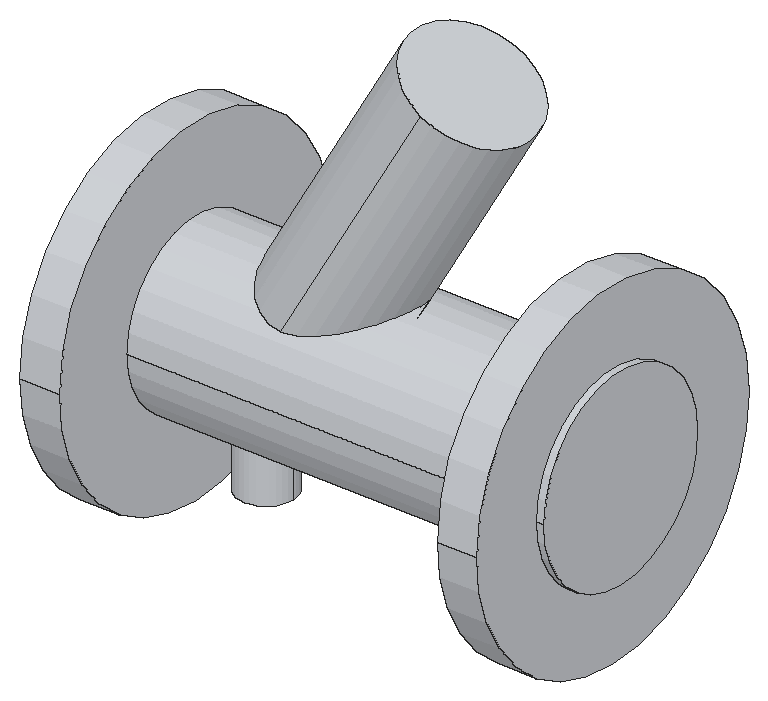
Revit family "HS 821-síto_standard-PN25-DN025-RFA_2018", category Pipe Accessories, Revit 2018
Family settings
  Round Connector Dimension = Use Diameter
  Part Type = Breaks Into
  Work Plane-Based = No
  Always vertical = Yes
  Cut with Voids When Loaded = No
  Shared = No
Parameters (values of type "821D-DN025-PN25-síto_standard")
  magiProductId = "b9a7fb4aa36643878c637d8e1ab992"
  magiProductFamilyId = "79214ac3aaa945e397802f559f5c1e"
  magiPartTypeId = 307
  isMeasuringValve [instance] = no
  ang2D [instance] = 0.00°
  ZB__ve = -ZB  # -19.25 mm
  ZB1 = 26.325 mm
  ZB = 19.25 mm
  X2 = 58.601 mm
  X1 = 22.4 mm
  W2D = 15 mm
  VersionID = "2.0/2017.9.26.1/ZETKAMA_821_001"
  Use Minimum Symbol Size [instance] = yes
  URL = "www.hydronic.cz"
  Type Comments = "Filtr přírubový; síto standardní; A-PN16 (-10~300°C); D-PN25 (-10~350°C); F-PN40 (-10~400°C)"
  S = 65 mm
  QmdConnectorList = "301;D;302;D"
  Productdata [instance] = ""
  Manufacturer = "Hydronic Systems Prague s.r.o."
  MC Product Code = "200 225 (821D; DN025; PN25; kvs14,7; oko síta 1,00mm)"
  LM1 = 12.8 mm
  LM = 128 mm
  L4 = 40 mm
  L2D_Min = 3048 mm
  L2D = 130 mm
  L2 = 80 mm
  HH2 = 101.5 mm
  FD = 115 mm
  Description = "Filtr přírubový; síto standardní; 821A-PN16; 821D-PN25; 821F-PN40"
  DM1 = 43.2 mm
  DM = 58.5 mm
  D = 25 mm
  CC = 2.72 mm
  CAT0 = yes
  C1 = 13.28 mm
  C = 16 mm
  BD = 18.427 mm
Types (40, lengths in mm): name | magiProductId | ZB__ve | ZB1 | ZB | X2 | X1 | S | MC Product Code | LM1 | LM | L4 | L2 | HH2 | FD | DM1 | DM | D | CC | C1 | C | BD
  821A-DN015-PN16-síto_standard | "a71bcfe8b393460598b23e8ddf7dc5" | -16.25 | 18.63 | 16.25 | 46.982 | 18.2 | 46 | "200 115 (821A; DN015; PN16; kvs6,3; oko síta 1,00mm)" | 10.4 | 104 | 32.5 | 65 | 81.375 | 95 | 27.6 | 41.4 | 15 | 2.21 | 10.79 | 13 | 13.041
  821A-DN020-PN16-síto_standard | "41cd6c7a12924f4991217528336076" | -17.75 | 22.68 | 17.75 | 51.673 | 21 | 56 | "200 120 (821A; DN020; PN16; kvs11,2; oko síta 1,00mm)" | 12 | 120 | 37.5 | 75 | 89.5 | 105 | 33.6 | 50.4 | 20 | 2.55 | 12.45 | 15 | 15.876
  821A-DN025-PN16-síto_standard | "be378b463ed14c3abf4c9b3ae8cf3a" | -19.25 | 26.325 | 19.25 | 58.601 | 22.4 | 65 | "200 125 (821A; DN025; PN16; kvs14,7; oko síta 1,00mm)" | 12.8 | 128 | 40 | 80 | 101.5 | 115 | 43.2 | 58.5 | 25 | 2.72 | 13.28 | 16 | 18.427
  821A-DN032-PN16-síto_standard | "227a0d18b21540afabe8b6067d35fa" | -23 | 30.78 | 23 | 68.849 | 25.2 | 76 | "200 132 (821A; DN032; PN16; kvs23,7; oko síta 1,00mm)" | 14.4 | 144 | 45 | 90 | 119.25 | 140 | 50.4 | 68.4 | 32 | 3.06 | 14.94 | 18 | 21.546
  821A-DN040-PN16-síto_standard | "d106917c74724141a10440112d0102" | -24.5 | 34.02 | 24.5 | 75.777 | 28 | 84 | "200 140 (821A; DN040; PN16; kvs37,7; oko síta 1,00mm)" | 16 | 160 | 50 | 100 | 131.25 | 150 | 60 | 75.6 | 40 | 3.4 | 16.6 | 20 | 23.814
  821A-DN050-PN16-síto_standard | "8255d456a09e4f6486734f5dd9171b" | -26.75 | 40.095 | 26.75 | 79.061 | 32.2 | 99 | "200 150 (821A; DN050 PN16; kvs57,9; oko síta 1,00mm)" | 18.4 | 184 | 57.5 | 115 | 136.938 | 165 | 73.8 | 89.1 | 50 | 3.91 | 19.09 | 23 | 28.066
  821A-DN065-PN16-síto_standard | "235b1b3e4c0843779a4d5e3716d40a" | -29.75 | 47.79 | 29.75 | 86.927 | 40.6 | 118 | "200 165 (821A; DN065; PN16; kvs101,5; oko síta 1,25mm)" | 23.2 | 232 | 72.5 | 145 | 150.562 | 185 | 94.2 | 106.2 | 65 | 4.93 | 24.07 | 29 | 33.453
  821A-DN080-PN16-síto_standard | "a067f7c5236348ed8c820d16df7214" | -32 | 53.46 | 32 | 104.753 | 43.4 | 132 | "200 180 (821A; DN080; PN16; kvs147,4; oko síta 1,25mm)" | 24.8 | 248 | 77.5 | 155 | 181.438 | 200 | 107.4 | 118.8 | 80 | 5.27 | 25.73 | 31 | 37.422
  821A-DN100-PN16-síto_standard | "c49a648c2747461285837d643703cd" | -35 | 63.18 | 35 | 114.857 | 49 | 156 | "200 190 (821A; DN100; PN16; kvs209,6; oko síta 1,60mm)" | 28 | 280 | 87.5 | 175 | 198.937 | 220 | 131.4 | 140.4 | 100 | 5.95 | 29.05 | 35 | 44.226
  821A-DN125-PN16-síto_standard | "bf68e728a163493cbd2a663b26ebdc" | -39.5 | 74.52 | 39.5 | 131.888 | 56 | 184 | "200 191 (821A; DN125; PN16; kvs326,2; oko síta 1,60mm)" | 32 | 320 | 100 | 200 | 228.438 | 250 | 165 | 165.6 | 125 | 6.8 | 33.2 | 40 | 52.164
  821A-DN150-PN16-síto_standard | "2de770284b654863ae6bc865769dc5" | -44.75 | 85.455 | 44.75 | 155.885 | 67.2 | 211 | "200 192 (821A; DN150; PN16; kvs403; oko síta 1,60mm)" | 38.4 | 384 | 120 | 240 | 270 | 285 | 192 | 189.9 | 150 | 8.16 | 39.84 | 48 | 59.818
  821A-DN200-PN16-síto_standard | "8e5693371ab64aabb29a7f08c76e15" | -53 | 107.73 | 53 | 188.361 | 84 | 266 | "200 193 (821A; DN200; PN16; kvs707; oko síta 1,60mm)" | 48 | 480 | 150 | 300 | 326.25 | 340 | 252 | 239.4 | 200 | 10.2 | 49.8 | 60 | 75.411
  821A-DN250-PN16-síto_standard | "05e37ed948c34047acdd4c42556504" | -62.75 | 129.195 | 62.75 | 255.911 | 102.2 | 319 | "200 194 (821A; DN250; PN16; kvs1234; oko síta 1,60mm)" | 58.4 | 584 | 182.5 | 365 | 443.25 | 405 | 309.6 | 287.1 | 250 | 12.41 | 60.59 | 73 | 90.436
  821A-DN300-PN16-síto_standard | "9ad0af747269428da925480d83ce80" | -71 | 149.85 | 71 | 325.914 | 119 | 370 | "200 195 (821A; DN300; PN16; kvs1916; oko síta 1,60mm)" | 68 | 680 | 212.5 | 425 | 564.5 | 460 | 369.6 | 333 | 300 | 14.45 | 70.55 | 85 | 104.895
  821A-DN350-PN16-síto_standard | "eebc71459bb3451bb4355e7951370a" | -80 | 173.745 | 80 | 356.875 | 137.2 | 429 | "200 196 (821A; DN350; PN16; kvs2621; oko síta 1,60mm)" | 78.4 | 784 | 245 | 490 | 618.125 | 520 | 438 | 386.1 | 350 | 16.66 | 81.34 | 98 | 121.621
  821A-DN400-PN16-síto_standard | "d2f677cb196647e385b2590e7d8abe" | -89 | 194.4 | 89 | 392.237 | 154 | 480 | "200 197 (821A; DN400; PN16; kvs3460; oko síta 1,60mm)" | 88 | 880 | 275 | 550 | 679.375 | 580 | 498 | 432 | 400 | 18.7 | 91.3 | 110 | 136.08
  821D-DN015-PN25-síto_standard | "27ddcbf555414f8ca1fde329bf9087" | -16.25 | 18.63 | 16.25 | 46.982 | 18.2 | 46 | "200 215 (821D; DN015; PN25; kvs6,3; oko síta 1,00mm)" | 10.4 | 104 | 32.5 | 65 | 81.375 | 95 | 27.6 | 41.4 | 15 | 2.21 | 10.79 | 13 | 13.041
  821D-DN020-PN25-síto_standard | "270e0f14012f47189cd0235c18faee" | -17.75 | 22.68 | 17.75 | 51.673 | 21 | 56 | "200 220 (821D; DN020; PN25; kvs11,2; oko síta 1,00mm)" | 12 | 120 | 37.5 | 75 | 89.5 | 105 | 33.6 | 50.4 | 20 | 2.55 | 12.45 | 15 | 15.876
  821D-DN025-PN25-síto_standard | "b9a7fb4aa36643878c637d8e1ab992" | -19.25 | 26.325 | 19.25 | 58.601 | 22.4 | 65 | "200 225 (821D; DN025; PN25; kvs14,7; oko síta 1,00mm)" | 12.8 | 128 | 40 | 80 | 101.5 | 115 | 43.2 | 58.5 | 25 | 2.72 | 13.28 | 16 | 18.427
  821D-DN032-PN25-síto_standard | "6be9a55c4e68400f94eec7e804204c" | -23 | 30.78 | 23 | 68.849 | 25.2 | 76 | "200 232 (821D; DN032; PN25; kvs23,7; oko síta 1,00mm)" | 14.4 | 144 | 45 | 90 | 119.25 | 140 | 50.4 | 68.4 | 32 | 3.06 | 14.94 | 18 | 21.546
  821D-DN040-PN25-síto_standard | "c54511bd7f584ec2984291479612cb" | -24.5 | 34.02 | 24.5 | 75.777 | 28 | 84 | "200 240 (821D; DN040; PN25; kvs37,7; oko síta 1,00mm)" | 16 | 160 | 50 | 100 | 131.25 | 150 | 60 | 75.6 | 40 | 3.4 | 16.6 | 20 | 23.814
  821D-DN050-PN25-síto_standard | "5483b1f596b04cd39b23a14a22c90e" | -26.75 | 40.095 | 26.75 | 79.061 | 32.2 | 99 | "200 250 (821D; DN050; PN25; kvs57,9; oko síta 1,00mm)" | 18.4 | 184 | 57.5 | 115 | 136.938 | 165 | 73.8 | 89.1 | 50 | 3.91 | 19.09 | 23 | 28.066
  821D-DN065-PN25-síto_standard | "767b0f8318e94750bc7a9930ed5b30" | -29.75 | 47.79 | 29.75 | 86.927 | 40.6 | 118 | "200 265 (821D; DN065; PN25; kvs101,5; oko síta 1,25mm)" | 23.2 | 232 | 72.5 | 145 | 150.562 | 185 | 94.2 | 106.2 | 65 | 4.93 | 24.07 | 29 | 33.453
  821D-DN080-PN25-síto_standard | "e21040fa3cc2404b858198f6b73709" | -32 | 53.46 | 32 | 104.753 | 43.4 | 132 | "200 280 (821D; DN080; PN25; kvs147,4; oko síta 1,25mm)" | 24.8 | 248 | 77.5 | 155 | 181.438 | 200 | 107.4 | 118.8 | 80 | 5.27 | 25.73 | 31 | 37.422
  821D-DN100-PN25-síto_standard | "175ca87a506b40b3bc6b82f12f33cf" | -37.25 | 63.18 | 37.25 | 114.857 | 49 | 156 | "200 290 (821D; DN100; PN25; kvs209,6; oko síta 1,60mm)" | 28 | 280 | 87.5 | 175 | 198.937 | 235 | 131.4 | 140.4 | 100 | 5.95 | 29.05 | 35 | 44.226
  821D-DN125-PN25-síto_standard | "77cc98d60da24855999a22dff726b2" | -42.5 | 74.52 | 42.5 | 131.888 | 56 | 184 | "200 291 (821D; DN125; PN25; kvs326,2; oko síta 1,60mm)" | 32 | 320 | 100 | 200 | 228.438 | 270 | 165 | 165.6 | 125 | 6.8 | 33.2 | 40 | 52.164
  821D-DN150-PN25-síto_standard | "9cf8acfcd15547d68e83172d3abcbe" | -47 | 85.455 | 47 | 155.885 | 67.2 | 211 | "200 292 (821D; DN150; PN25; kvs403; oko síta 1,60mm)" | 38.4 | 384 | 120 | 240 | 270 | 300 | 192 | 189.9 | 150 | 8.16 | 39.84 | 48 | 59.818
  821D-DN200-PN25-síto_standard | "16973f3c9ea14389ba8602495a6b64" | -56 | 110.97 | 56 | 188.361 | 84 | 274 | "200 293 (821D; DN200; PN25; kvs707; oko síta 1,60mm)" | 48 | 480 | 150 | 300 | 326.25 | 360 | 252 | 246.6 | 200 | 10.2 | 49.8 | 60 | 77.679
  821F-DN015-PN40-síto_standard | "4c7eaf3c4c0340888b3e684d8a8616" | -16.25 | 18.225 | 16.25 | 46.982 | 18.2 | 45 | "240 615 (821F; DN015; PN40; kvs6,3; oko síta 1,00mm)" | 10.4 | 104 | 32.5 | 65 | 81.375 | 95 | 27.6 | 40.5 | 15 | 2.21 | 10.79 | 13 | 12.757
  821F-DN020-PN40-síto_standard | "aaac5f1ec96b44d6ba96ac2293d66d" | -17.75 | 23.49 | 17.75 | 51.673 | 21 | 58 | "240 620 (821F; DN020; PN40; kvs11,2; oko síta 1,00mm)" | 12 | 120 | 37.5 | 75 | 89.5 | 105 | 33.6 | 52.2 | 20 | 2.55 | 12.45 | 15 | 16.443
  821F-DN025-PN40-síto_standard | "504768023968471481789485b54c7e" | -19.25 | 27.54 | 19.25 | 58.601 | 22.4 | 68 | "240 625 (821F; DN025; PN40; kvs14,7; oko síta 1,00mm)" | 12.8 | 128 | 40 | 80 | 101.5 | 115 | 43.2 | 61.2 | 25 | 2.72 | 13.28 | 16 | 19.278
  821F-DN032-PN40-síto_standard | "165e7f39cf744f329bdf1c400dad12" | -23 | 31.59 | 23 | 68.849 | 25.2 | 78 | "240 632 (821F; DN032; PN40; kvs23,7; oko síta 1,00mm)" | 14.4 | 144 | 45 | 90 | 119.25 | 140 | 50.4 | 70.2 | 32 | 3.06 | 14.94 | 18 | 22.113
  821F-DN040-PN40-síto_standard | "b8903f952089408fbf3a5a632bab1f" | -24.5 | 35.64 | 24.5 | 75.777 | 28 | 88 | "240 640 (821F; DN040; PN40; kvs37,7; oko síta 1,00mm)" | 16 | 160 | 50 | 100 | 131.25 | 150 | 60 | 79.2 | 40 | 3.4 | 16.6 | 20 | 24.948
  821F-DN050-PN40-síto_standard | "c451f97266fe48da8f879cb6a2bd44" | -26.75 | 41.31 | 26.75 | 79.061 | 32.2 | 102 | "240 650 (821F; DN050; PN40; kvs57,9; oko síta 1,00mm)" | 18.4 | 184 | 57.5 | 115 | 136.938 | 165 | 73.8 | 91.8 | 50 | 3.91 | 19.09 | 23 | 28.917
  821F-DN065-PN40-síto_standard | "dc9821e3f9b34e128f6a8c6b34c198" | -29.75 | 49.41 | 29.75 | 86.927 | 40.6 | 122 | "240 665 (821F; DN065; PN40; kvs101,5; oko síta 1,25mm)" | 23.2 | 232 | 72.5 | 145 | 150.562 | 185 | 94.2 | 109.8 | 65 | 4.93 | 24.07 | 29 | 34.587
  821F-DN080-PN40-síto_standard | "689aa1e260f84cf4994f027a1d86b5" | -32 | 55.89 | 32 | 104.753 | 43.4 | 138 | "240 680 (821F; DN080; PN40; kvs147,4; oko síta 1,25mm)" | 24.8 | 248 | 77.5 | 155 | 181.438 | 200 | 107.4 | 124.2 | 80 | 5.27 | 25.73 | 31 | 39.123
  821F-DN100-PN40-síto_standard | "8a45d4e8e2ab425f8c432f21d684f3" | -37.25 | 65.61 | 37.25 | 114.857 | 49 | 162 | "240 690 (821F; DN100; PN40; kvs209,6; oko síta 1,6mm)" | 28 | 280 | 87.5 | 175 | 198.937 | 235 | 131.4 | 145.8 | 100 | 5.95 | 29.05 | 35 | 45.927
  821F-DN125-PN40-síto_standard | "cf073904c006406b8645afa67ea2fc" | -42.5 | 76.14 | 42.5 | 131.888 | 56 | 188 | "240 691 (821F; DN125; PN40; kvs326,2; oko síta 1,6mm)" | 32 | 320 | 100 | 200 | 228.438 | 270 | 165 | 169.2 | 125 | 6.8 | 33.2 | 40 | 53.298
  821F-DN150-PN40-síto_standard | "0153b9ddabe14992a630484929fdbc" | -47 | 88.29 | 47 | 155.885 | 67.2 | 218 | "240 692 (821F; DN150; PN40; kvs403; oko síta 1,6mm)" | 38.4 | 384 | 120 | 240 | 270 | 300 | 192 | 196.2 | 150 | 8.16 | 39.84 | 48 | 61.803
  821F-DN200-PN40-síto_standard | "7fb3fc01dd8d42428c203e3f8dd4d5" | -56 | 115.425 | 56 | 188.361 | 84 | 285 | "240 693 (821F; DN200; PN40; kvs707; oko síta 1,6mm)" | 48 | 480 | 150 | 300 | 326.25 | 360 | 252 | 256.5 | 200 | 10.2 | 49.8 | 60 | 80.797
Reference planes
  plane 1 "Center (Front/Back)": y = 0
  plane 2 "XYPLANE": z = 0
  plane 3 "Center (Left/Right)": x = 0
  plane 4 "109": x = -51.2
  plane 5 "108": x = 64
  plane 6 "107": x = -64
  plane 7 "105": x = 80
  plane 8 "104": x = -80
  plane 9 "103": y = 0
  plane 10 "102": z = 0
  plane 11 "101": x = -77.28
  plane 12 "100": x = 77.28
  plane 13 "11": x = -28.8
  plane 14 "10": z = 101.5
  plane 15 "9": x = 29.801
  plane 16 "5": z = -26.325
  plane 17 "4": x = -40
  plane 18 "1": x = 40
Forms (mm)
  Extrusion 1, solid, visible <- "CAT0"
    sketch origin (-64, -750, 0) x (0, 1, 0) y (0, 0, 1)
      loop
        circle (750, 0) r 29.25
    from 0 to 128 <- "LM"
  Extrusion 2, solid
    sketch origin (-80, -750, 0) x (0, 1, 0) y (0, 0, 1)
      loop
        circle (750, 0) r 32.5
    from 0 to 2.72 <- "CC"
  Extrusion 3, solid
    sketch origin (-77.28, -750, 0) x (0, 1, 0) y (0, 0, 1)
      loop
        circle (750, 0) r 57.5
    from 0 to 13.28 <- "C1"
  Extrusion 4, solid
    sketch origin (64, -750, 0) x (0, 1, 0) y (0, 0, 1)
      loop
        circle (750, 0) r 57.5
    from 0 to 13.28 <- "C1"
  Extrusion 5, solid
    sketch origin (77.28, -750, 0) x (0, 1, 0) y (0, 0, 1)
      loop
        circle (750, 0) r 32.5
    from 0 to 2.72 <- "CC"
  Sweep 6, solid, visible <- "CAT0"
    path origin (750, 0, 0) x (-1, 0, 0) y (0, 0, 1)
      loop
        line (814, 0) -> (778.8, 0) -> (720.199, 101.5)
    profile origin (-64, 0, 0) x (0, 0, -1) y (0, 1, 0)
      loop
        circle (0, 0) r 21.6
  Extrusion 7, solid, visible <- "CAT0"
    sketch origin (-750, 0, -26.325) x (1, 0, 0) y (0, 1, 0)
      loop
        circle (710, 0) r 9.214
    from 0 to -19.25 <- "ZB__ve"
  Extrusion 8, solid, visible <- "CAT0"
    sketch origin (-750, 0, -26.325) x (1, 0, 0) y (0, 1, 0)
      loop
        circle (790, 0) r 9.214
    from 0 to -19.25 <- "ZB__ve"
  Extrusion 9, solid, not visible
    sketch origin (80, -750, 0) x (0, 1, 0) y (0, 0, 1)
      loop
        circle (750, 0) r 10
    from 0 to -10
  Extrusion 10, solid, not visible
    sketch origin (-80, -750, 0) x (0, 1, 0) y (0, 0, 1)
      loop
        circle (750, 0) r 10
    from 0 to 10
Lines and regions (mm)
  reference lines, not visible
    curve 1: circle (2, 2, 0) r 1 normal (0, 0, 1)
Dimensions and locks
  plane 1 "Center (Front/Back)" to curve 1 = 2 mm
  "LM1": plane 6 "107" to plane 4 "109"
  "LM": plane 6 "107" to plane 5 "108"
  "C": plane 8 "104" to plane 6 "107"
  "L2": plane 3 "Center (Left/Right)" to plane 7 "105"
  "L2": plane 3 "Center (Left/Right)" to plane 8 "104"
  locked: plane 1 "Center (Front/Back)" to plane 9 "103"
  locked: plane 2 "XYPLANE" to plane 10 "102"
  "CC": plane 8 "104" to plane 11 "101"
  "C1": plane 5 "108" to plane 12 "100"
  "X1": plane 4 "109" to plane 13 "11"
  "HH2": plane 2 "XYPLANE" to plane 14 "10"
  "X2": plane 13 "11" to plane 15 "9"
  "ZB1": plane 2 "XYPLANE" to plane 16 "5"
  "L4": plane 8 "104" to plane 17 "4"
  "L2": plane 17 "4" to plane 18 "1"
  Sweep 6 sketch curve to Sweep 6 sketch curve = 0 mm  (x2)
  "DM": diameter of Extrusion 1 sketch curve
  "S": diameter of Extrusion 2 sketch curve
  "FD": diameter of Extrusion 3 sketch curve
  "FD": diameter of Extrusion 4 sketch curve
  "S": diameter of Extrusion 5 sketch curve
  "DM1": diameter of Sweep 6 sketch curve
  "BD": diameter of Extrusion 7 sketch curve
  "BD": diameter of Extrusion 8 sketch curve
  aligned and locked: level to plane 2 "XYPLANE"
  aligned and locked: Extrusion 1 sketch curve to plane 9 "103"
  aligned and locked: plane 10 "102" to Extrusion 1 sketch curve
  aligned and locked: Extrusion 2 sketch curve to plane 9 "103"
  aligned and locked: plane 10 "102" to Extrusion 2 sketch curve
  aligned and locked: Extrusion 3 sketch curve to plane 9 "103"
  aligned and locked: plane 10 "102" to Extrusion 3 sketch curve
  aligned and locked: Extrusion 4 sketch curve to plane 9 "103"
  aligned and locked: plane 10 "102" to Extrusion 4 sketch curve
  aligned and locked: Extrusion 5 sketch curve to plane 9 "103"
  aligned and locked: plane 10 "102" to Extrusion 5 sketch curve
  aligned and locked: Sweep 6 sketch curve to plane 9 "103"
  aligned and locked: plane 10 "102" to Sweep 6 sketch curve  (x3)
  aligned and locked: plane 6 "107" to Sweep 6 sketch curve
  aligned and locked: plane 13 "11" to Sweep 6 sketch curve
  aligned and locked: plane 14 "10" to Sweep 6 sketch curve
  aligned and locked: plane 15 "9" to Sweep 6 sketch curve
  aligned and locked: plane 9 "103" to Extrusion 7 sketch curve
  aligned and locked: plane 17 "4" to Extrusion 7 sketch curve
  aligned and locked: plane 9 "103" to Extrusion 8 sketch curve
  aligned and locked: plane 18 "1" to Extrusion 8 sketch curve
  aligned and locked: Extrusion 9 sketch curve to plane 9 "103"
  aligned and locked: plane 10 "102" to Extrusion 9 sketch curve
  aligned and locked: Extrusion 10 sketch curve to plane 9 "103"
  aligned and locked: plane 10 "102" to Extrusion 10 sketch curve
Automatic sketch dimensions
  plane 1 "Center (Front/Back)" to Extrusion 9 sketch curve = 10 mm
  plane 1 "Center (Front/Back)" to Extrusion 10 sketch curve = 10 mm
  plane 3 "Center (Left/Right)" to curve 1 = 2 mm
  radius of curve 1 = 1 mm
Connectors
  piping at (-80, 0, 0), diameter 25, driven by "D"
    settings: on Extrusion 10, index 1, connector inside diameter 609.6 mm, connector length 0 mm, flow factor 0, pipe flow 0.0 L/s, pressure drop 0.0 Pa, fitting loss kfactor 0, connector angle 0.00°, fixture units 0, engagement length 0 mm, angle of deflection 0.00°, flow configuration 0, flow direction 0, fitting loss method 0, system type 29, joint type 0, gender type 0, connector reference index 2, connector utility 0, adjustable connector no, is connector primary yes, connector description ""
  piping at (80, 0, 0), diameter 25, driven by "D"
    settings: on Extrusion 9, index 2, connector inside diameter 609.6 mm, connector length 0 mm, flow factor 0, pipe flow 0.0 L/s, pressure drop 0.0 Pa, fitting loss kfactor 0, connector angle 0.00°, fixture units 0, engagement length 0 mm, angle of deflection 0.00°, flow configuration 0, flow direction 0, fitting loss method 0, system type 29, joint type 0, gender type 0, connector reference index 1, connector utility 0, adjustable connector no, is connector primary no, connector description ""
